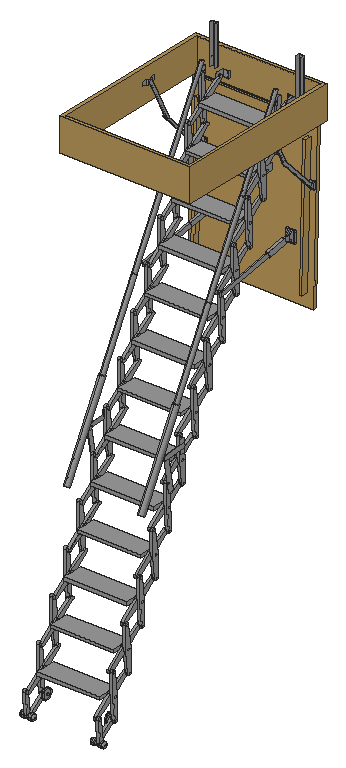
Revit family "schaartrap_XL-H 1000x1300mm", category Generic Models, Revit 2019 (continued)
Automatic sketch dimensions
  Extrusion 31 sketch curve to Extrusion 31 sketch curve = 148.738 mm  (x13)
  Extrusion 31 sketch curve to Extrusion 31 sketch curve = 138.292 mm  (x4)
  Extrusion 31 sketch curve to Extrusion 31 sketch curve = 71.579 mm
  Extrusion 31 sketch curve to Extrusion 31 sketch curve = 168.576 mm
  Extrusion 31 sketch curve to Extrusion 31 sketch curve = 96.997 mm  (x14)
  Extrusion 31 sketch curve to Extrusion 31 sketch curve = 71.597 mm  (x12)
  Extrusion 31 sketch curve to Extrusion 31 sketch curve = 168.594 mm  (x11)
  Extrusion 31 sketch curve to Extrusion 31 sketch curve = 5 mm
  Extrusion 44 sketch curve to Extrusion 44 sketch curve = 127.845 mm  (x12)
  Extrusion 44 sketch curve to Extrusion 44 sketch curve = 265.591 mm  (x12)
  Extrusion 81 sketch curve to Extrusion 81 sketch curve = 5.018 mm  (x13)
  Extrusion 81 sketch curve to Extrusion 81 sketch curve = 122.827 mm  (x12)
  Extrusion 81 sketch curve to Extrusion 81 sketch curve = 265.591 mm  (x12)
  Extrusion 81 sketch curve to Extrusion 81 sketch curve = 0 mm  (x26)
  Extrusion 22 sketch curve to Extrusion 22 sketch curve = 127.845 mm  (x12)
  Extrusion 22 sketch curve to Extrusion 22 sketch curve = 265.591 mm  (x12)
  Extrusion 80 sketch curve to Extrusion 80 sketch curve = 5.018 mm  (x13)
  Extrusion 80 sketch curve to Extrusion 80 sketch curve = 122.827 mm  (x12)
  Extrusion 80 sketch curve to Extrusion 80 sketch curve = 265.591 mm  (x12)
  Extrusion 80 sketch curve to Extrusion 80 sketch curve = 0 mm  (x26)
  Extrusion 21 sketch curve to Extrusion 21 sketch curve = 127.845 mm  (x12)
  Extrusion 21 sketch curve to Extrusion 21 sketch curve = 265.591 mm  (x12)
  Extrusion 79 sketch curve to Extrusion 79 sketch curve = 5.018 mm  (x13)
  Extrusion 79 sketch curve to Extrusion 79 sketch curve = 122.827 mm  (x12)
  Extrusion 79 sketch curve to Extrusion 79 sketch curve = 265.591 mm  (x12)
  Extrusion 79 sketch curve to Extrusion 79 sketch curve = 0 mm  (x26)
  Extrusion 96 sketch curve to Extrusion 96 sketch curve = 44.034 mm  (x2)
  Extrusion 96 sketch curve to Extrusion 96 sketch curve = 181.185 mm
  Extrusion 96 sketch curve to Extrusion 96 sketch curve = 7.764 mm  (x2)
  Extrusion 96 sketch curve to Extrusion 96 sketch curve = 1027.55 mm
  Extrusion 97 sketch curve to Extrusion 97 sketch curve = 10.419 mm
  Extrusion 97 sketch curve to Extrusion 97 sketch curve = 14.979 mm
  Extrusion 97 sketch curve to Extrusion 97 sketch curve = 7.878 mm
  Extrusion 97 sketch curve to Extrusion 97 sketch curve = 2.829 mm
  Extrusion 97 sketch curve to Extrusion 97 sketch curve = 4.468 mm
  Extrusion 97 sketch curve to Extrusion 97 sketch curve = 30.489 mm
  Extrusion 97 sketch curve to Extrusion 97 sketch curve = 2.615 mm
  Extrusion 97 sketch curve to Extrusion 97 sketch curve = 4.005 mm
  Extrusion 97 sketch curve to Extrusion 97 sketch curve = 25.984 mm
  Extrusion 98 sketch curve to Extrusion 98 sketch curve = 10.313 mm
  Extrusion 98 sketch curve to Extrusion 98 sketch curve = 9.225 mm
  Extrusion 98 sketch curve to Extrusion 98 sketch curve = 102.433 mm
  Extrusion 98 sketch curve to Extrusion 98 sketch curve = 19.018 mm
  Extrusion 98 sketch curve to Extrusion 98 sketch curve = 3.862 mm
  Extrusion 36 sketch curve to Extrusion 36 sketch curve = 0 mm  (x2)
  Extrusion 36 sketch curve to Extrusion 36 sketch curve = 0.038 mm
  Extrusion 36 sketch curve to Extrusion 36 sketch curve = 15.019 mm
  Extrusion 36 sketch curve to Extrusion 36 sketch curve = 20 mm  (x2)
  Extrusion 36 sketch curve to Extrusion 36 sketch curve = 582.544 mm
  Extrusion 36 sketch curve to Extrusion 36 sketch curve = 24.18 mm
  Extrusion 36 sketch curve to Extrusion 36 sketch curve = 20.718 mm
  Extrusion 36 sketch curve to Extrusion 36 sketch curve = 0.841 mm
  Extrusion 36 sketch curve to Extrusion 36 sketch curve = 14.93 mm
  Extrusion 36 sketch curve to Extrusion 36 sketch curve = 0.026 mm  (x2)
  Extrusion 36 sketch curve to Extrusion 36 sketch curve = 3.283 mm  (x2)
  Extrusion 36 sketch curve to Extrusion 36 sketch curve = 4.097 mm
  Extrusion 37 sketch curve to Extrusion 37 sketch curve = 0.045 mm
  Extrusion 37 sketch curve to Extrusion 37 sketch curve = 156.118 mm
  Extrusion 37 sketch curve to Extrusion 37 sketch curve = 0.199 mm
  Extrusion 98 sketch curve to Extrusion 98 sketch curve = 365.434 mm
  Extrusion 39 sketch curve to Extrusion 39 sketch curve = 0 mm  (x6)
  Extrusion 39 sketch curve to Extrusion 39 sketch curve = 1.498 mm
  Extrusion 39 sketch curve to Extrusion 39 sketch curve = 1.497 mm
  Extrusion 39 sketch curve to Extrusion 39 sketch curve = 10.588 mm
  Extrusion 39 sketch curve to Extrusion 39 sketch curve = 17.907 mm
  Extrusion 39 sketch curve to Extrusion 39 sketch curve = 29.9 mm
  Extrusion 39 sketch curve to Extrusion 39 sketch curve = 38.224 mm
  Extrusion 39 sketch curve to Extrusion 39 sketch curve = 6.363 mm
  Extrusion 39 sketch curve to Extrusion 39 sketch curve = 1.74 mm
  Extrusion 39 sketch curve to Extrusion 39 sketch curve = 29.794 mm
  Extrusion 39 sketch curve to Extrusion 39 sketch curve = 4 mm
  Extrusion 13 sketch curve to Extrusion 13 sketch curve = 0 mm  (x2)
  Extrusion 13 sketch curve to Extrusion 13 sketch curve = 10.22 mm
  Extrusion 13 sketch curve to Extrusion 13 sketch curve = 8.993 mm
  Extrusion 13 sketch curve to Extrusion 13 sketch curve = 18.804 mm  (x2)
  Extrusion 13 sketch curve to Extrusion 13 sketch curve = 546.821 mm
  Extrusion 13 sketch curve to Extrusion 13 sketch curve = 18.481 mm
  Extrusion 13 sketch curve to Extrusion 13 sketch curve = 25.483 mm
  Extrusion 13 sketch curve to Extrusion 13 sketch curve = 224.262 mm
  Extrusion 13 sketch curve to Extrusion 13 sketch curve = 32.84 mm
  Extrusion 13 sketch curve to Extrusion 13 sketch curve = 6.814 mm  (x2)
  Extrusion 13 sketch curve to Extrusion 13 sketch curve = 4.486 mm  (x2)
  Extrusion 13 sketch curve to Extrusion 13 sketch curve = 2.728 mm
  Extrusion 14 sketch curve to Extrusion 14 sketch curve = 11.924 mm
  Extrusion 14 sketch curve to Extrusion 14 sketch curve = 146.779 mm
  Extrusion 14 sketch curve to Extrusion 14 sketch curve = 53.186 mm
  Extrusion 16 sketch curve to Extrusion 16 sketch curve = 0 mm  (x6)
  Extrusion 16 sketch curve to Extrusion 16 sketch curve = 2.763 mm
  Extrusion 16 sketch curve to Extrusion 16 sketch curve = 0.96 mm
  Extrusion 16 sketch curve to Extrusion 16 sketch curve = 13.106 mm
  Extrusion 16 sketch curve to Extrusion 16 sketch curve = 27.749 mm
  Extrusion 16 sketch curve to Extrusion 16 sketch curve = 20.529 mm
  Extrusion 16 sketch curve to Extrusion 16 sketch curve = 31.807 mm
  Extrusion 16 sketch curve to Extrusion 16 sketch curve = 9.861 mm
  Extrusion 16 sketch curve to Extrusion 16 sketch curve = 2.085 mm
  Extrusion 16 sketch curve to Extrusion 16 sketch curve = 36.882 mm
  Extrusion 16 sketch curve to Extrusion 16 sketch curve = 3.845 mm
  Extrusion 17 sketch curve to Extrusion 17 sketch curve = 0 mm  (x2)
  Extrusion 17 sketch curve to Extrusion 17 sketch curve = 10.22 mm
  Extrusion 17 sketch curve to Extrusion 17 sketch curve = 8.993 mm
  Extrusion 17 sketch curve to Extrusion 17 sketch curve = 18.804 mm  (x2)
  Extrusion 17 sketch curve to Extrusion 17 sketch curve = 546.821 mm
  Extrusion 17 sketch curve to Extrusion 17 sketch curve = 18.481 mm
  Extrusion 17 sketch curve to Extrusion 17 sketch curve = 25.483 mm
  Extrusion 17 sketch curve to Extrusion 17 sketch curve = 224.262 mm
  Extrusion 17 sketch curve to Extrusion 17 sketch curve = 32.84 mm
  Extrusion 17 sketch curve to Extrusion 17 sketch curve = 6.814 mm  (x2)
  Extrusion 17 sketch curve to Extrusion 17 sketch curve = 4.486 mm  (x2)
  Extrusion 17 sketch curve to Extrusion 17 sketch curve = 2.728 mm
  Extrusion 18 sketch curve to Extrusion 18 sketch curve = 11.924 mm
  Extrusion 18 sketch curve to Extrusion 18 sketch curve = 146.779 mm
  Extrusion 18 sketch curve to Extrusion 18 sketch curve = 53.186 mm
  Extrusion 20 sketch curve to Extrusion 20 sketch curve = 0 mm  (x6)
  Extrusion 20 sketch curve to Extrusion 20 sketch curve = 2.763 mm
  Extrusion 20 sketch curve to Extrusion 20 sketch curve = 0.96 mm
  Extrusion 20 sketch curve to Extrusion 20 sketch curve = 13.106 mm
  Extrusion 20 sketch curve to Extrusion 20 sketch curve = 27.749 mm
  Extrusion 20 sketch curve to Extrusion 20 sketch curve = 20.529 mm
  Extrusion 20 sketch curve to Extrusion 20 sketch curve = 31.807 mm
  Extrusion 20 sketch curve to Extrusion 20 sketch curve = 9.861 mm
  Extrusion 20 sketch curve to Extrusion 20 sketch curve = 2.085 mm
  Extrusion 20 sketch curve to Extrusion 20 sketch curve = 36.882 mm
  Extrusion 20 sketch curve to Extrusion 20 sketch curve = 3.845 mm
  Extrusion 102 sketch curve to Extrusion 102 sketch curve = 44.713 mm  (x4)
  Extrusion 102 sketch curve to Extrusion 102 sketch curve = 1043.401 mm  (x2)
  Extrusion 103 sketch curve to Extrusion 103 sketch curve = 9.439 mm
  Extrusion 103 sketch curve to Extrusion 103 sketch curve = 6 mm  (x2)
  Extrusion 103 sketch curve to Extrusion 103 sketch curve = 8 mm  (x2)
  Extrusion 103 sketch curve to Extrusion 103 sketch curve = 36.335 mm  (x3)
  Extrusion 103 sketch curve to Extrusion 103 sketch curve = 40.942 mm
  Extrusion 104 sketch curve to Extrusion 104 sketch curve = 19.872 mm
  Extrusion 104 sketch curve to Extrusion 104 sketch curve = 386.758 mm
  Extrusion 104 sketch curve to Extrusion 104 sketch curve = 10.346 mm  (x3)
  Extrusion 104 sketch curve to Extrusion 104 sketch curve = 385.088 mm
  Extrusion 38 sketch curve to Extrusion 38 sketch curve = 0 mm  (x4)
  Extrusion 38 sketch curve to Extrusion 38 sketch curve = 1.498 mm
  Extrusion 38 sketch curve to Extrusion 38 sketch curve = 1.497 mm
  Extrusion 38 sketch curve to Extrusion 38 sketch curve = 10.588 mm
  Extrusion 38 sketch curve to Extrusion 38 sketch curve = 17.907 mm
  Extrusion 38 sketch curve to Extrusion 38 sketch curve = 29.9 mm
  Extrusion 38 sketch curve to Extrusion 38 sketch curve = 38.224 mm
  Extrusion 38 sketch curve to Extrusion 38 sketch curve = 6.363 mm
  Extrusion 38 sketch curve to Extrusion 38 sketch curve = 1.74 mm
  Extrusion 38 sketch curve to Extrusion 38 sketch curve = 29.794 mm
  Extrusion 15 sketch curve to Extrusion 15 sketch curve = 0 mm  (x4)
  Extrusion 15 sketch curve to Extrusion 15 sketch curve = 2.763 mm
  Extrusion 15 sketch curve to Extrusion 15 sketch curve = 0.96 mm
  Extrusion 15 sketch curve to Extrusion 15 sketch curve = 13.106 mm
  Extrusion 15 sketch curve to Extrusion 15 sketch curve = 27.749 mm
  Extrusion 15 sketch curve to Extrusion 15 sketch curve = 20.529 mm
  Extrusion 15 sketch curve to Extrusion 15 sketch curve = 31.807 mm
  Extrusion 15 sketch curve to Extrusion 15 sketch curve = 9.861 mm
  Extrusion 15 sketch curve to Extrusion 15 sketch curve = 2.085 mm
  Extrusion 15 sketch curve to Extrusion 15 sketch curve = 36.882 mm
  Extrusion 19 sketch curve to Extrusion 19 sketch curve = 0 mm  (x4)
  Extrusion 19 sketch curve to Extrusion 19 sketch curve = 2.763 mm
  Extrusion 19 sketch curve to Extrusion 19 sketch curve = 0.96 mm
  Extrusion 19 sketch curve to Extrusion 19 sketch curve = 13.106 mm
  Extrusion 19 sketch curve to Extrusion 19 sketch curve = 27.749 mm
  Extrusion 19 sketch curve to Extrusion 19 sketch curve = 20.529 mm
  Extrusion 19 sketch curve to Extrusion 19 sketch curve = 31.807 mm
  Extrusion 19 sketch curve to Extrusion 19 sketch curve = 9.861 mm
  Extrusion 19 sketch curve to Extrusion 19 sketch curve = 2.085 mm
  Extrusion 19 sketch curve to Extrusion 19 sketch curve = 36.882 mm
  Extrusion 23 sketch curve to Extrusion 23 sketch curve = 5.05 mm
  Extrusion 24 sketch curve to Extrusion 24 sketch curve = 28.028 mm
  Extrusion 40 sketch curve to plane 1 "Center (Front/Back)" = 20 mm
  level to Extrusion 40 sketch curve = 20 mm
  Sweep 41 sketch curve to Sweep 41 sketch curve = 0 mm  (x2)
  Sweep 41 sketch curve to plane 1 "Center (Front/Back)" = 0 mm
  Sweep 41 sketch curve to Sweep 41 sketch curve = 20 mm
  level to Sweep 41 sketch curve = 20 mm
  profile plane to Sweep 41 sketch curve = 0 mm
  Sweep 41 sketch curve to profile plane = 0 mm
  profile plane to Sweep 41 sketch curve = 7.976 mm
  Sweep 41 sketch curve to Sweep 41 sketch curve = 2.281 mm
  Extrusion 42 sketch curve to plane 1 "Center (Front/Back)" = 20 mm
  level to Extrusion 42 sketch curve = 20 mm
  Sweep 43 sketch curve to Sweep 43 sketch curve = 0 mm  (x2)
  Sweep 43 sketch curve to plane 1 "Center (Front/Back)" = 0 mm
  Sweep 43 sketch curve to Sweep 43 sketch curve = 20 mm
  level to Sweep 43 sketch curve = 20 mm
  Sweep 43 sketch curve to profile plane = 0 mm  (x2)
  Sweep 43 sketch curve to profile plane = 7.976 mm
  Sweep 43 sketch curve to Sweep 43 sketch curve = 2.281 mm
  Extrusion 49 sketch curve to plane 22 "traplijn" = 67.952 mm
  Extrusion 49 sketch curve to Extrusion 49 sketch curve = 11.968 mm
  Extrusion 49 sketch curve to Extrusion 49 sketch curve = 5.097 mm
  Extrusion 49 sketch curve to Extrusion 49 sketch curve = 219.286 mm
  Extrusion 49 sketch curve to Extrusion 49 sketch curve = 7.598 mm  (x2)
  Extrusion 49 sketch curve to Extrusion 49 sketch curve = 10.82 mm
  Extrusion 49 sketch curve to Extrusion 49 sketch curve = 257.221 mm
  Extrusion 49 sketch curve to Extrusion 49 sketch curve = 6.502 mm
  Extrusion 50 sketch curve to plane 8 = 0 mm
  Extrusion 50 sketch curve to Extrusion 50 sketch curve = 4 mm  (x2)
  plane 5 to Extrusion 50 sketch curve = 25 mm
  plane 5 to Extrusion 51 sketch curve = 15.736 mm  (x2)
  Extrusion 51 sketch curve to Extrusion 51 sketch curve = 5 mm  (x2)
  Extrusion 52 sketch curve to Extrusion 52 sketch curve = 5.05 mm
  Extrusion 53 sketch curve to plane 6 = 0 mm
  Extrusion 53 sketch curve to Extrusion 53 sketch curve = 4 mm  (x2)
  Extrusion 53 sketch curve to plane 4 = 25 mm
  Extrusion 53 sketch curve to Extrusion 53 sketch curve = 69.409 mm
  Extrusion 54 sketch curve to plane 4 = 15.736 mm  (x2)
  Extrusion 54 sketch curve to Extrusion 54 sketch curve = 5 mm  (x2)
  Extrusion 55 sketch curve to Extrusion 55 sketch curve = 5.05 mm
  Extrusion 75 sketch curve to plane 1 "Center (Front/Back)" = 20 mm
  level to Extrusion 75 sketch curve = 20 mm
  Sweep 76 sketch curve to Sweep 76 sketch curve = 0 mm  (x2)
  Sweep 76 sketch curve to plane 1 "Center (Front/Back)" = 0 mm
  Sweep 76 sketch curve to Sweep 76 sketch curve = 20 mm
  level to Sweep 76 sketch curve = 20 mm
  Sweep 76 sketch curve to profile plane = 0 mm  (x2)
  Sweep 76 sketch curve to profile plane = 7.976 mm
  Sweep 76 sketch curve to Sweep 76 sketch curve = 2.281 mm
  Extrusion 77 sketch curve to plane 1 "Center (Front/Back)" = 20 mm
  level to Extrusion 77 sketch curve = 20 mm
  Sweep 78 sketch curve to Sweep 78 sketch curve = 0 mm  (x2)
  Sweep 78 sketch curve to plane 1 "Center (Front/Back)" = 0 mm
  Sweep 78 sketch curve to Sweep 78 sketch curve = 20 mm
  level to Sweep 78 sketch curve = 20 mm
  profile plane to Sweep 78 sketch curve = 0 mm
  Sweep 78 sketch curve to profile plane = 0 mm
  profile plane to Sweep 78 sketch curve = 7.976 mm
  Sweep 78 sketch curve to Sweep 78 sketch curve = 2.281 mm
  curve 13 to plane 3 "Center (Left/Right)" = 0 mm
  curve 17 to plane 3 "Center (Left/Right)" = 0 mm
  plane 3 "Center (Left/Right)" to curve 14 = 34.056 mm
  curve 13 to curve 14 = 0 mm
  curve 13 to curve 17 = 117.973 mm
  curve 17 to plane 3 "Center (Left/Right)" = 34.056 mm
  curve 13 to curve 13 = 4145.24 mm
  Sweep 82 sketch curve to plane 17 = 0 mm
  Sweep 82 sketch curve to plane 25 = 0 mm
  Sweep 82 sketch curve to plane 16 = 0 mm
  plane 24 "bk. omtimmering" to Sweep 82 sketch curve = 0 mm
  Sweep 82 sketch curve to profile plane = 0 mm
  Sweep 82 sketch curve to Sweep 82 sketch curve = 24 mm
  Sweep 82 sketch curve to plane 24 "bk. omtimmering" = 250.003 mm
  Extrusion 83 sketch curve to plane 24 "bk. omtimmering" = 180.416 mm
  Extrusion 83 sketch curve to Extrusion 83 sketch curve = 5.05 mm
  Extrusion 84 sketch curve to Extrusion 84 sketch curve = 28.028 mm
  Extrusion 84 sketch curve to plane 24 "bk. omtimmering" = 203.715 mm
  Extrusion 84 sketch curve to Extrusion 84 sketch curve = 25 mm
  Extrusion 85 sketch curve to Extrusion 85 sketch curve = 5 mm
  Extrusion 85 sketch curve to Extrusion 85 sketch curve = 13.998 mm
  Extrusion 85 sketch curve to Extrusion 85 sketch curve = 6.458 mm  (x2)
  Extrusion 85 sketch curve to Extrusion 85 sketch curve = 0 mm  (x12)
  Extrusion 85 sketch curve to plane 24 "bk. omtimmering" = 37.552 mm
  Extrusion 85 sketch curve to plane 24 "bk. omtimmering" = 17.552 mm
  Extrusion 85 sketch curve to Extrusion 85 sketch curve = 20 mm  (x12)
  Extrusion 85 sketch curve to Extrusion 85 sketch curve = 6.002 mm  (x2)
  Extrusion 86 sketch curve to Extrusion 86 sketch curve = 0 mm  (x6)
  Extrusion 86 sketch curve to plane 13 = 11.5 mm
  Extrusion 86 sketch curve to Extrusion 86 sketch curve = 2 mm
  Extrusion 86 sketch curve to Extrusion 86 sketch curve = 1.001 mm
  Extrusion 86 sketch curve to plane 11 = 0.5 mm
  Extrusion 86 sketch curve to plane 11 = 1.5 mm
  Extrusion 86 sketch curve to Extrusion 86 sketch curve = 27 mm
  Extrusion 86 sketch curve to Extrusion 86 sketch curve = 26.999 mm
  Extrusion 87 sketch curve to Extrusion 87 sketch curve = 5 mm
  Extrusion 87 sketch curve to Extrusion 87 sketch curve = 13.998 mm
  Extrusion 87 sketch curve to Extrusion 87 sketch curve = 6.458 mm  (x2)
  Extrusion 87 sketch curve to Extrusion 87 sketch curve = 0 mm  (x12)
  Extrusion 87 sketch curve to plane 24 "bk. omtimmering" = 37.552 mm
  Extrusion 87 sketch curve to Extrusion 87 sketch curve = 20 mm  (x12)
  Extrusion 87 sketch curve to Extrusion 87 sketch curve = 6.002 mm  (x2)
  Extrusion 87 sketch curve to plane 24 "bk. omtimmering" = 17.552 mm
  Extrusion 88 sketch curve to Extrusion 88 sketch curve = 0 mm  (x7)
  Extrusion 88 sketch curve to plane 12 = 11.5 mm
  Extrusion 88 sketch curve to Extrusion 88 sketch curve = 2 mm
  Extrusion 88 sketch curve to Extrusion 88 sketch curve = 1.001 mm
  plane 10 to Extrusion 88 sketch curve = 0.5 mm  (x2)
  plane 10 to Extrusion 88 sketch curve = 1.5 mm
  Extrusion 88 sketch curve to Extrusion 88 sketch curve = 26.999 mm
  Extrusion 89 sketch curve to plane 8 = 0 mm
  Extrusion 89 sketch curve to Extrusion 89 sketch curve = 4 mm  (x2)
  plane 5 to Extrusion 89 sketch curve = 25 mm
  Extrusion 89 sketch curve to Extrusion 89 sketch curve = 69.409 mm
  Extrusion 90 sketch curve to Extrusion 90 sketch curve = 0 mm  (x4)
  plane 5 to Extrusion 90 sketch curve = 15.736 mm  (x2)
  Extrusion 90 sketch curve to plane 24 "bk. omtimmering" = 193.466 mm
  Extrusion 90 sketch curve to plane 24 "bk. omtimmering" = 164.716 mm
  Extrusion 90 sketch curve to Extrusion 90 sketch curve = 5 mm  (x2)
  Extrusion 91 sketch curve to plane 24 "bk. omtimmering" = 180.416 mm
  Extrusion 91 sketch curve to Extrusion 91 sketch curve = 5.05 mm
  Extrusion 92 sketch curve to plane 6 = 0 mm
  Extrusion 92 sketch curve to Extrusion 92 sketch curve = 4 mm  (x2)
  Extrusion 92 sketch curve to plane 4 = 25 mm
  Extrusion 92 sketch curve to Extrusion 92 sketch curve = 69.409 mm
  Extrusion 93 sketch curve to Extrusion 93 sketch curve = 0 mm  (x4)
  Extrusion 93 sketch curve to plane 4 = 15.736 mm  (x2)
  Extrusion 93 sketch curve to plane 24 "bk. omtimmering" = 164.716 mm
  Extrusion 93 sketch curve to Extrusion 93 sketch curve = 28.75 mm
  Extrusion 93 sketch curve to Extrusion 93 sketch curve = 5 mm  (x2)
  Extrusion 94 sketch curve to plane 24 "bk. omtimmering" = 180.416 mm
  Extrusion 94 sketch curve to Extrusion 94 sketch curve = 5.05 mm
  Extrusion 95 sketch curve to plane 22 "traplijn" = 730.125 mm
  Extrusion 95 sketch curve to Extrusion 95 sketch curve = 19.696 mm
  Extrusion 95 sketch curve to Extrusion 95 sketch curve = 216.366 mm
  Extrusion 95 sketch curve to Extrusion 95 sketch curve = 3.473 mm
  plane 8 to Extrusion 105 sketch curve = 2 mm  (x2)
  Extrusion 105 sketch curve to plane 8 = 8 mm
  plane 13 to Extrusion 105 sketch curve = 2 mm  (x2)
  Extrusion 105 sketch curve to Extrusion 105 sketch curve = 10 mm
  Extrusion 105 sketch curve to Extrusion 105 sketch curve = 73.838 mm
  plane 6 to Extrusion 106 sketch curve = 2 mm  (x2)
  Extrusion 106 sketch curve to plane 6 = 8 mm
  plane 12 to Extrusion 106 sketch curve = 2 mm  (x2)
  Extrusion 106 sketch curve to Extrusion 106 sketch curve = 10 mm
  Extrusion 106 sketch curve to Extrusion 106 sketch curve = 73.838 mm
  Extrusion 107 sketch curve to plane 19 = 54 mm
  Extrusion 107 sketch curve to Extrusion 107 sketch curve = 59.997 mm
  Extrusion 107 sketch curve to plane 19 = 20.5 mm
  Extrusion 108 sketch curve to plane 18 = 54 mm
  Extrusion 108 sketch curve to Extrusion 108 sketch curve = 59.997 mm
  Extrusion 108 sketch curve to plane 18 = 16.5 mm
  Extrusion 109 sketch curve to plane 24 "bk. omtimmering" = 100.98 mm
  Extrusion 109 sketch curve to Extrusion 109 sketch curve = 82 mm
  Extrusion 109 sketch curve to Extrusion 109 sketch curve = 0 mm
  Extrusion 110 sketch curve to plane 19 = 5.5 mm  (x2)
  Extrusion 110 sketch curve to Extrusion 110 sketch curve = 3 mm  (x3)
  Extrusion 110 sketch curve to Extrusion 110 sketch curve = 13 mm
  Extrusion 110 sketch curve to Extrusion 110 sketch curve = 22.101 mm  (x2)
  Extrusion 110 sketch curve to Extrusion 110 sketch curve = 1.562 mm  (x4)
  Extrusion 110 sketch curve to Extrusion 110 sketch curve = 11.203 mm  (x2)
  Extrusion 110 sketch curve to Extrusion 110 sketch curve = 28.769 mm
  Extrusion 111 sketch curve to plane 18 = 5.5 mm  (x2)
  Extrusion 111 sketch curve to Extrusion 111 sketch curve = 3 mm  (x3)
  Extrusion 111 sketch curve to Extrusion 111 sketch curve = 13 mm
  Extrusion 111 sketch curve to Extrusion 111 sketch curve = 22.101 mm  (x2)
  Extrusion 111 sketch curve to Extrusion 111 sketch curve = 1.562 mm  (x4)
  Extrusion 111 sketch curve to Extrusion 111 sketch curve = 11.203 mm  (x2)
  Extrusion 111 sketch curve to Extrusion 111 sketch curve = 28.769 mm
  Extrusion 112 sketch curve to plane 22 "traplijn" = 67.952 mm
  Extrusion 112 sketch curve to Extrusion 112 sketch curve = 11.968 mm
  Extrusion 112 sketch curve to Extrusion 112 sketch curve = 5.097 mm
  Extrusion 112 sketch curve to Extrusion 112 sketch curve = 219.286 mm
  Extrusion 112 sketch curve to Extrusion 112 sketch curve = 7.598 mm  (x2)
  Extrusion 112 sketch curve to Extrusion 112 sketch curve = 0.009 mm
  Extrusion 112 sketch curve to Extrusion 112 sketch curve = 257.221 mm
  Extrusion 112 sketch curve to Extrusion 112 sketch curve = 6.502 mm
  Extrusion 113 sketch curve to plane 24 "bk. omtimmering" = 100.98 mm
  Extrusion 3 sketch curve to plane 23 = 34.921 mm
  Extrusion 3 sketch curve to plane 23 = 11.099 mm
  Extrusion 3 sketch curve to Extrusion 3 sketch curve = 155.981 mm  (x7)
  Extrusion 3 sketch curve to Extrusion 3 sketch curve = 127.845 mm  (x4)
  plane 25 to Extrusion 3 sketch curve = 259.264 mm
  plane 25 to Extrusion 3 sketch curve = 131.42 mm
  plane 25 to Extrusion 3 sketch curve = 103.284 mm
  plane 25 to Extrusion 3 sketch curve = 3.575 mm
  Extrusion 3 sketch curve to plane 25 = 24.561 mm
  Extrusion 3 sketch curve to plane 1 "Center (Front/Back)" = 69.831 mm
  Extrusion 3 sketch curve to Extrusion 3 sketch curve = 23.822 mm  (x11)
  Extrusion 3 sketch curve to Extrusion 3 sketch curve = 241.725 mm  (x12)
  Extrusion 3 sketch curve to Extrusion 3 sketch curve = 23.891 mm
  Extrusion 48 sketch curve to Extrusion 48 sketch curve = 0 mm  (x2)
  Extrusion 32 sketch curve to Extrusion 32 sketch curve = 0 mm  (x2)
  Extrusion 31 sketch curve to Extrusion 31 sketch curve = 0 mm  (x2)
  plane 21 to Sweep 64 sketch curve = 0 mm
  Sweep 64 sketch curve to plane 21 = 0.034 mm
  Sweep 64 sketch curve to Sweep 64 sketch curve = 332.795 mm
  profile plane to Sweep 64 sketch curve = 0 mm
  Sweep 64 sketch curve to profile plane = 0 mm
  profile plane to Sweep 65 sketch curve = 0 mm
  Sweep 65 sketch curve to profile plane = 0 mm
  profile plane to Sweep 66 sketch curve = 0 mm
  Sweep 66 sketch curve to profile plane = 0 mm
  Sweep 67 sketch curve to plane 21 = 0.129 mm
  Sweep 67 sketch curve to Sweep 67 sketch curve = 319.753 mm
  Sweep 67 sketch curve to Sweep 67 sketch curve = 584.041 mm
  profile plane to Sweep 67 sketch curve = 0 mm
  Sweep 67 sketch curve to profile plane = 0 mm
  Extrusion 71 sketch curve to Extrusion 71 sketch curve = 0 mm  (x2)
  plane 21 to Extrusion 71 sketch curve = 52.582 mm
  Extrusion 71 sketch curve to Extrusion 71 sketch curve = 12.575 mm
  Extrusion 71 sketch curve to Extrusion 71 sketch curve = 1.289 mm
  Extrusion 71 sketch curve to Extrusion 71 sketch curve = 12.093 mm
  Extrusion 71 sketch curve to Extrusion 71 sketch curve = 14.288 mm
  Extrusion 71 sketch curve to Extrusion 71 sketch curve = 28.694 mm
  Extrusion 71 sketch curve to Extrusion 71 sketch curve = 4.066 mm
  Extrusion 71 sketch curve to Extrusion 71 sketch curve = 7.339 mm
  Extrusion 71 sketch curve to Extrusion 71 sketch curve = 5.041 mm  (x2)
  Extrusion 71 sketch curve to Extrusion 71 sketch curve = 0.303 mm
  Sweep 65 sketch curve to Sweep 65 sketch curve = 304.753 mm
  Sweep 65 sketch curve to plane 21 = 0.064 mm
  Sweep 65 sketch curve to Sweep 65 sketch curve = 556.643 mm
  Sweep 66 sketch curve to Sweep 66 sketch curve = 319.008 mm
  Sweep 66 sketch curve to plane 21 = 0.096 mm
  Sweep 66 sketch curve to Sweep 66 sketch curve = 582.681 mm
  plane 21 to Extrusion 69 sketch curve = 181.066 mm
  Extrusion 69 sketch curve to Extrusion 69 sketch curve = 4.946 mm
  Extrusion 69 sketch curve to Extrusion 69 sketch curve = 23.151 mm
  Extrusion 69 sketch curve to Extrusion 69 sketch curve = 122.139 mm
  Extrusion 69 sketch curve to Extrusion 69 sketch curve = 23.353 mm
  Extrusion 69 sketch curve to Extrusion 69 sketch curve = 27.985 mm
  Extrusion 69 sketch curve to Extrusion 69 sketch curve = 2.51 mm
  Extrusion 69 sketch curve to Extrusion 69 sketch curve = 10.512 mm
  Extrusion 69 sketch curve to Extrusion 69 sketch curve = 10.808 mm
  plane 21 to Extrusion 70 sketch curve = 166.966 mm
  Extrusion 70 sketch curve to Extrusion 70 sketch curve = 14.972 mm
  Extrusion 70 sketch curve to Extrusion 70 sketch curve = 18.832 mm
  Extrusion 70 sketch curve to Extrusion 70 sketch curve = 10.808 mm
  Extrusion 70 sketch curve to Extrusion 70 sketch curve = 29.64 mm  (x2)
  Extrusion 70 sketch curve to Extrusion 70 sketch curve = 23.353 mm  (x2)
  Extrusion 70 sketch curve to Extrusion 70 sketch curve = 44.46 mm
  plane 21 to Extrusion 68 sketch curve = 57.981 mm
  Extrusion 68 sketch curve to Extrusion 68 sketch curve = 8.487 mm
  Extrusion 68 sketch curve to Extrusion 68 sketch curve = 15.562 mm
  Extrusion 68 sketch curve to Extrusion 68 sketch curve = 14.295 mm
  Extrusion 68 sketch curve to Extrusion 68 sketch curve = 14.426 mm
  Extrusion 68 sketch curve to Extrusion 68 sketch curve = 15.687 mm
  Extrusion 68 sketch curve to Extrusion 68 sketch curve = 19.566 mm
  Extrusion 68 sketch curve to Extrusion 68 sketch curve = 218.116 mm
  Extrusion 68 sketch curve to Extrusion 68 sketch curve = 19.466 mm
  plane 15 to Sweep 6 sketch curve = 0 mm
  Sweep 6 sketch curve to plane 15 = 0.034 mm
  Sweep 6 sketch curve to Sweep 6 sketch curve = 332.943 mm
  profile plane to Sweep 6 sketch curve = 0 mm
  Sweep 6 sketch curve to profile plane = 0 mm
  profile plane to Sweep 7 sketch curve = 0 mm
  Sweep 7 sketch curve to profile plane = 0 mm
  profile plane to Sweep 8 sketch curve = 0 mm
  Sweep 8 sketch curve to profile plane = 0 mm
  Sweep 9 sketch curve to plane 15 = 0.129 mm
  Sweep 9 sketch curve to Sweep 9 sketch curve = 319.895 mm
  Sweep 9 sketch curve to Sweep 9 sketch curve = 583.963 mm
  profile plane to Sweep 9 sketch curve = 0 mm
  Sweep 9 sketch curve to profile plane = 0 mm
  Extrusion 33 sketch curve to Extrusion 33 sketch curve = 0 mm  (x2)
  plane 15 to Extrusion 33 sketch curve = 52.582 mm
  Extrusion 33 sketch curve to Extrusion 33 sketch curve = 11.119 mm
  Extrusion 33 sketch curve to Extrusion 33 sketch curve = 0.539 mm
  Extrusion 33 sketch curve to Extrusion 33 sketch curve = 12.884 mm
  Extrusion 33 sketch curve to Extrusion 33 sketch curve = 17.223 mm
  Extrusion 33 sketch curve to Extrusion 33 sketch curve = 28.378 mm
  Extrusion 33 sketch curve to Extrusion 33 sketch curve = 6.989 mm
  Extrusion 33 sketch curve to Extrusion 33 sketch curve = 5.84 mm
  Extrusion 33 sketch curve to Extrusion 33 sketch curve = 5.041 mm  (x2)
  Extrusion 33 sketch curve to Extrusion 33 sketch curve = 0.303 mm
  Sweep 7 sketch curve to Sweep 7 sketch curve = 304.889 mm
  Sweep 7 sketch curve to plane 15 = 0.064 mm
  Sweep 7 sketch curve to Sweep 7 sketch curve = 556.569 mm
  Sweep 8 sketch curve to Sweep 8 sketch curve = 319.15 mm
  Sweep 8 sketch curve to plane 15 = 0.096 mm
  Sweep 8 sketch curve to Sweep 8 sketch curve = 582.603 mm
  plane 15 to Extrusion 11 sketch curve = 181.066 mm
  Extrusion 11 sketch curve to Extrusion 11 sketch curve = 7.95 mm
  Extrusion 11 sketch curve to Extrusion 11 sketch curve = 29.027 mm
  Extrusion 11 sketch curve to Extrusion 11 sketch curve = 118.731 mm
  Extrusion 11 sketch curve to Extrusion 11 sketch curve = 29.106 mm
  Extrusion 11 sketch curve to Extrusion 11 sketch curve = 20.849 mm
  Extrusion 11 sketch curve to Extrusion 11 sketch curve = 77.194 mm
  Extrusion 11 sketch curve to Extrusion 11 sketch curve = 21.349 mm
  Extrusion 11 sketch curve to Extrusion 11 sketch curve = 21.571 mm
  plane 15 to Extrusion 12 sketch curve = 166.966 mm
  Extrusion 12 sketch curve to Extrusion 12 sketch curve = 26.684 mm
  Extrusion 12 sketch curve to Extrusion 12 sketch curve = 7.271 mm
  Extrusion 12 sketch curve to Extrusion 12 sketch curve = 21.571 mm
  Extrusion 12 sketch curve to Extrusion 12 sketch curve = 28.842 mm  (x2)
  Extrusion 12 sketch curve to Extrusion 12 sketch curve = 29.106 mm  (x2)
  Extrusion 12 sketch curve to Extrusion 12 sketch curve = 43.262 mm
  plane 15 to Extrusion 10 sketch curve = 57.981 mm
  Extrusion 10 sketch curve to Extrusion 10 sketch curve = 100.83 mm
  Extrusion 10 sketch curve to Extrusion 10 sketch curve = 5.896 mm
  Extrusion 10 sketch curve to Extrusion 10 sketch curve = 21.592 mm
  Extrusion 10 sketch curve to Extrusion 10 sketch curve = 21.672 mm
  Extrusion 10 sketch curve to Extrusion 10 sketch curve = 6.051 mm
  Extrusion 10 sketch curve to Extrusion 10 sketch curve = 24.295 mm
  Extrusion 10 sketch curve to Extrusion 10 sketch curve = 200.945 mm
  Extrusion 10 sketch curve to Extrusion 10 sketch curve = 24.257 mm
  plane 20 to Sweep 56 sketch curve = 0 mm
  Sweep 56 sketch curve to plane 20 = 0.034 mm
  Sweep 56 sketch curve to Sweep 56 sketch curve = 332.943 mm
  profile plane to Sweep 56 sketch curve = 0 mm
  Sweep 56 sketch curve to profile plane = 0 mm
  profile plane to Sweep 57 sketch curve = 0 mm
  Sweep 57 sketch curve to profile plane = 0 mm
  profile plane to Sweep 58 sketch curve = 0 mm
  Sweep 58 sketch curve to profile plane = 0 mm
  Sweep 59 sketch curve to plane 20 = 0.129 mm
  Sweep 59 sketch curve to Sweep 59 sketch curve = 319.895 mm
  Sweep 59 sketch curve to Sweep 59 sketch curve = 583.963 mm
  profile plane to Sweep 59 sketch curve = 0 mm
  Sweep 59 sketch curve to profile plane = 0 mm
  Extrusion 63 sketch curve to Extrusion 63 sketch curve = 0 mm  (x2)
  plane 20 to Extrusion 63 sketch curve = 52.582 mm
  Extrusion 63 sketch curve to Extrusion 63 sketch curve = 11.119 mm
  Extrusion 63 sketch curve to Extrusion 63 sketch curve = 0.539 mm
  Extrusion 63 sketch curve to Extrusion 63 sketch curve = 12.884 mm
  Extrusion 63 sketch curve to Extrusion 63 sketch curve = 17.223 mm
  Extrusion 63 sketch curve to Extrusion 63 sketch curve = 28.378 mm
  Extrusion 63 sketch curve to Extrusion 63 sketch curve = 6.989 mm
  Extrusion 63 sketch curve to Extrusion 63 sketch curve = 5.84 mm
  Extrusion 63 sketch curve to Extrusion 63 sketch curve = 5.041 mm  (x2)
  Extrusion 63 sketch curve to Extrusion 63 sketch curve = 0.303 mm
  Sweep 57 sketch curve to Sweep 57 sketch curve = 304.889 mm
  Sweep 57 sketch curve to plane 20 = 0.064 mm
  Sweep 57 sketch curve to Sweep 57 sketch curve = 556.569 mm
  Sweep 58 sketch curve to Sweep 58 sketch curve = 319.15 mm
  Sweep 58 sketch curve to plane 20 = 0.096 mm
  Sweep 58 sketch curve to Sweep 58 sketch curve = 582.603 mm
  plane 20 to Extrusion 61 sketch curve = 181.066 mm
  Extrusion 61 sketch curve to Extrusion 61 sketch curve = 7.95 mm
  Extrusion 61 sketch curve to Extrusion 61 sketch curve = 29.027 mm
  Extrusion 61 sketch curve to Extrusion 61 sketch curve = 118.731 mm
  Extrusion 61 sketch curve to Extrusion 61 sketch curve = 29.106 mm
  Extrusion 61 sketch curve to Extrusion 61 sketch curve = 20.849 mm
  Extrusion 61 sketch curve to Extrusion 61 sketch curve = 77.194 mm
  Extrusion 61 sketch curve to Extrusion 61 sketch curve = 21.349 mm
  Extrusion 61 sketch curve to Extrusion 61 sketch curve = 21.571 mm
  plane 20 to Extrusion 62 sketch curve = 166.966 mm
  Extrusion 62 sketch curve to Extrusion 62 sketch curve = 26.684 mm
  Extrusion 62 sketch curve to Extrusion 62 sketch curve = 7.271 mm
  Extrusion 62 sketch curve to Extrusion 62 sketch curve = 21.571 mm
  Extrusion 62 sketch curve to Extrusion 62 sketch curve = 28.842 mm  (x2)
  Extrusion 62 sketch curve to Extrusion 62 sketch curve = 29.106 mm  (x2)
  Extrusion 62 sketch curve to Extrusion 62 sketch curve = 43.262 mm
  plane 20 to Extrusion 60 sketch curve = 57.981 mm
  Extrusion 60 sketch curve to Extrusion 60 sketch curve = 100.83 mm
  Extrusion 60 sketch curve to Extrusion 60 sketch curve = 5.896 mm
  Extrusion 60 sketch curve to Extrusion 60 sketch curve = 21.592 mm
  Extrusion 60 sketch curve to Extrusion 60 sketch curve = 21.672 mm
  Extrusion 60 sketch curve to Extrusion 60 sketch curve = 6.051 mm
  Extrusion 60 sketch curve to Extrusion 60 sketch curve = 24.295 mm
  Extrusion 60 sketch curve to Extrusion 60 sketch curve = 200.945 mm
  Extrusion 60 sketch curve to Extrusion 60 sketch curve = 24.257 mm
  Extrusion 114 sketch curve to Extrusion 114 sketch curve = 13.864 mm
  Extrusion 114 sketch curve to Extrusion 114 sketch curve = 8.931 mm
  Extrusion 114 sketch curve to Extrusion 114 sketch curve = 4.066 mm
  plane 20 to Extrusion 116 sketch curve = 19.855 mm
  Extrusion 116 sketch curve to Extrusion 116 sketch curve = 14.413 mm
  Extrusion 116 sketch curve to Extrusion 116 sketch curve = 10.798 mm
  Extrusion 116 sketch curve to Extrusion 116 sketch curve = 13.87 mm
  Extrusion 116 sketch curve to Extrusion 116 sketch curve = 8.926 mm
  Extrusion 116 sketch curve to Extrusion 116 sketch curve = 4.06 mm
  Extrusion 117 sketch curve to Extrusion 117 sketch curve = 3.907 mm  (x8)
  Extrusion 117 sketch curve to Extrusion 117 sketch curve = 151.414 mm
  Extrusion 117 sketch curve to Extrusion 117 sketch curve = 4.609 mm  (x2)
  Extrusion 117 sketch curve to Extrusion 117 sketch curve = 0.727 mm  (x4)
  Extrusion 117 sketch curve to Extrusion 117 sketch curve = 215.819 mm
  Extrusion 117 sketch curve to Extrusion 117 sketch curve = 27.665 mm  (x2)
  Extrusion 117 sketch curve to Extrusion 117 sketch curve = 74.38 mm  (x2)
  Extrusion 117 sketch curve to Extrusion 117 sketch curve = 3.637 mm  (x2)
  Extrusion 117 sketch curve to Extrusion 117 sketch curve = 19.537 mm  (x2)
  plane 20 to Extrusion 117 sketch curve = 49.664 mm  (x2)
  Extrusion 117 sketch curve to Extrusion 117 sketch curve = 37.919 mm  (x2)
  plane 15 to Extrusion 115 sketch curve = 19.855 mm
  Extrusion 115 sketch curve to Extrusion 115 sketch curve = 14.413 mm
  Extrusion 115 sketch curve to Extrusion 115 sketch curve = 10.798 mm
  plane 21 to Extrusion 114 sketch curve = 19.855 mm
  Extrusion 114 sketch curve to Extrusion 114 sketch curve = 14.407 mm
  Extrusion 114 sketch curve to Extrusion 114 sketch curve = 10.803 mm
  plane 21 to Extrusion 119 sketch curve = 199.795 mm
  Extrusion 119 sketch curve to Extrusion 119 sketch curve = 4.609 mm
  Extrusion 119 sketch curve to Extrusion 119 sketch curve = 106.651 mm
  Extrusion 119 sketch curve to Extrusion 119 sketch curve = 3.637 mm
  Extrusion 119 sketch curve to Extrusion 119 sketch curve = 3.907 mm  (x4)
  Extrusion 119 sketch curve to Extrusion 119 sketch curve = 156.022 mm
  Extrusion 119 sketch curve to Extrusion 119 sketch curve = 196.283 mm
  Extrusion 119 sketch curve to Extrusion 119 sketch curve = 0.727 mm  (x2)
  Extrusion 119 sketch curve to Extrusion 119 sketch curve = 19.537 mm
  Extrusion 119 sketch curve to Extrusion 119 sketch curve = 27.665 mm
  Extrusion 119 sketch curve to Extrusion 119 sketch curve = 74.38 mm
  Extrusion 72 sketch curve to Extrusion 72 sketch curve = 0 mm  (x2)
  plane 20 to Extrusion 72 sketch curve = 58.993 mm
  Extrusion 72 sketch curve to Extrusion 72 sketch curve = 3.617 mm
  Extrusion 72 sketch curve to Extrusion 72 sketch curve = 8.844 mm
  Extrusion 72 sketch curve to Extrusion 72 sketch curve = 18.756 mm
  Extrusion 72 sketch curve to Extrusion 72 sketch curve = 160.998 mm
  Extrusion 72 sketch curve to Extrusion 72 sketch curve = 22.285 mm
  Extrusion 72 sketch curve to Extrusion 72 sketch curve = 6.21 mm
  Extrusion 72 sketch curve to Extrusion 72 sketch curve = 3.854 mm
  Extrusion 72 sketch curve to Extrusion 72 sketch curve = 11.758 mm
  Extrusion 72 sketch curve to Extrusion 72 sketch curve = 13.452 mm
  Extrusion 72 sketch curve to Extrusion 72 sketch curve = 9.382 mm
  Extrusion 72 sketch curve to Extrusion 72 sketch curve = 5.002 mm  (x2)
  Extrusion 72 sketch curve to Extrusion 72 sketch curve = 0.694 mm
  plane 15 to Extrusion 118 sketch curve = 49.664 mm  (x2)
  Extrusion 118 sketch curve to Extrusion 118 sketch curve = 37.919 mm  (x2)
  Extrusion 73 sketch curve to Extrusion 73 sketch curve = 0 mm  (x2)
  plane 15 to Extrusion 73 sketch curve = 58.993 mm
  Extrusion 73 sketch curve to Extrusion 73 sketch curve = 3.617 mm
  Extrusion 73 sketch curve to Extrusion 73 sketch curve = 8.844 mm
  Extrusion 73 sketch curve to Extrusion 73 sketch curve = 18.756 mm
  Extrusion 73 sketch curve to Extrusion 73 sketch curve = 160.998 mm
  Extrusion 73 sketch curve to Extrusion 73 sketch curve = 22.285 mm
  Extrusion 73 sketch curve to Extrusion 73 sketch curve = 6.21 mm
  Extrusion 73 sketch curve to Extrusion 73 sketch curve = 3.854 mm
  Extrusion 73 sketch curve to Extrusion 73 sketch curve = 11.758 mm
  Extrusion 73 sketch curve to Extrusion 73 sketch curve = 13.452 mm
  Extrusion 73 sketch curve to Extrusion 73 sketch curve = 9.382 mm
  Extrusion 73 sketch curve to Extrusion 73 sketch curve = 5.002 mm  (x2)
  Extrusion 73 sketch curve to Extrusion 73 sketch curve = 0.694 mm
  plane 21 to Extrusion 119 sketch curve = 49.664 mm  (x2)
  Extrusion 119 sketch curve to Extrusion 119 sketch curve = 37.919 mm  (x2)
  Extrusion 74 sketch curve to Extrusion 74 sketch curve = 0 mm  (x2)
  plane 21 to Extrusion 74 sketch curve = 58.993 mm
  Extrusion 74 sketch curve to Extrusion 74 sketch curve = 10.042 mm
  Extrusion 74 sketch curve to Extrusion 74 sketch curve = 1.917 mm
  Extrusion 74 sketch curve to Extrusion 74 sketch curve = 17.544 mm
  Extrusion 74 sketch curve to Extrusion 74 sketch curve = 151.814 mm
  Extrusion 74 sketch curve to Extrusion 74 sketch curve = 28.903 mm
  Extrusion 74 sketch curve to Extrusion 74 sketch curve = 7.581 mm
  Extrusion 74 sketch curve to Extrusion 74 sketch curve = 100.252 mm
  Extrusion 74 sketch curve to Extrusion 74 sketch curve = 22.831 mm
  Extrusion 74 sketch curve to Extrusion 74 sketch curve = 15.984 mm
  Extrusion 74 sketch curve to Extrusion 74 sketch curve = 21.104 mm
  Extrusion 74 sketch curve to Extrusion 74 sketch curve = 4.787 mm  (x2)
  Extrusion 74 sketch curve to Extrusion 74 sketch curve = 1.609 mm
  plane 25 to Extrusion 3 sketch curve = 358.973 mm
  Extrusion 3 sketch curve to Extrusion 3 sketch curve = 28.136 mm  (x2)
  Extrusion 3 sketch curve to plane 28 = 135.821 mm
  Extrusion 23 sketch curve to plane 28 = 290.861 mm
  Extrusion 24 sketch curve to plane 28 = 318.89 mm
  Extrusion 50 sketch curve to plane 28 = 312.89 mm
  Extrusion 50 sketch curve to Extrusion 50 sketch curve = 69.409 mm
  Extrusion 52 sketch curve to plane 28 = 290.861 mm
  Extrusion 53 sketch curve to plane 28 = 239.481 mm
  Extrusion 55 sketch curve to plane 28 = 290.861 mm
  Sweep 82 sketch curve to plane 28 = 0 mm
  Extrusion 83 sketch curve to Extrusion 83 sketch curve = 0 mm
  Extrusion 83 sketch curve to plane 28 = 75.381 mm
  Extrusion 84 sketch curve to plane 28 = 103.409 mm
  Extrusion 85 sketch curve to plane 28 = 61.998 mm
  Extrusion 86 sketch curve to plane 28 = 26 mm
  Extrusion 87 sketch curve to plane 28 = 61.998 mm
  Extrusion 88 sketch curve to plane 28 = 56 mm
  Extrusion 89 sketch curve to plane 28 = 97.409 mm
  Extrusion 91 sketch curve to Extrusion 91 sketch curve = 0 mm
  Extrusion 91 sketch curve to plane 28 = 75.381 mm
  Extrusion 92 sketch curve to plane 28 = 24 mm
  Extrusion 94 sketch curve to Extrusion 94 sketch curve = 0 mm
  Extrusion 94 sketch curve to plane 28 = 75.381 mm
  Extrusion 95 sketch curve to plane 28 = 99.587 mm
  Extrusion 109 sketch curve to plane 28 = 527.618 mm
  Extrusion 110 sketch curve to plane 28 = 535.857 mm
  Extrusion 111 sketch curve to plane 28 = 437.357 mm
  Extrusion 113 sketch curve to plane 28 = 486.868 mm
  Extrusion 113 sketch curve to plane 28 = 333.632 mm
  curve 1 to plane 17 = 0 mm
  curve 5 to plane 28 = 0 mm
  curve 10 to plane 3 "Center (Left/Right)" = 0 mm
  curve 2 to plane 16 = 0 mm
  curve 11 to plane 3 "Center (Left/Right)" = 25.981 mm
  curve 9 to curve 9 = 25.981 mm
  curve 9 to plane 28 = 45 mm
  curve 10 to curve 9 = 0 mm
  plane 5 to curve 18 = 6.5 mm
  plane 5 to curve 12 = 6.5 mm
  curve 20 to plane 4 = 6.5 mm
  curve 18 to plane 4 = 6.5 mm
  curve 12 to plane 4 = 6.5 mm
  curve 18 to plane 25 = 24.561 mm
  plane 25 to curve 6 = 13.679 mm
  plane 25 to curve 5 = 13.679 mm
  curve 6 to curve 19 = 89.605 mm
  curve 19 to curve 20 = 127.845 mm
  curve 20 to curve 21 = 127.845 mm
  curve 21 to curve 22 = 127.845 mm
  curve 22 to curve 23 = 127.845 mm
  curve 23 to curve 24 = 127.845 mm
  curve 24 to curve 25 = 127.845 mm
  curve 25 to curve 26 = 127.845 mm
  curve 27 to curve 5 = 36.112 mm
  plane 5 to curve 26 = 6.5 mm
  curve 3 to plane 27 = 408.096 mm
  curve 7 to plane 25 = 115.169 mm
  curve 12 to curve 18 = 127.845 mm
  Extrusion 3 sketch curve to plane 27 = 0 mm
  Extrusion 3 sketch curve to plane 25 = 124.27 mm
  Extrusion 3 sketch curve to plane 25 = 152.406 mm
  Extrusion 3 sketch curve to plane 27 = 127.845 mm
  Extrusion 3 sketch curve to plane 27 = 28.136 mm
  plane 15 to Extrusion 118 sketch curve = 199.795 mm
  Extrusion 118 sketch curve to Extrusion 118 sketch curve = 4.609 mm
  Extrusion 118 sketch curve to Extrusion 118 sketch curve = 106.651 mm
  Extrusion 118 sketch curve to Extrusion 118 sketch curve = 3.637 mm
  Extrusion 118 sketch curve to Extrusion 118 sketch curve = 3.907 mm  (x4)
  Extrusion 118 sketch curve to Extrusion 118 sketch curve = 156.022 mm
  Extrusion 118 sketch curve to Extrusion 118 sketch curve = 196.283 mm
  Extrusion 118 sketch curve to Extrusion 118 sketch curve = 0.727 mm  (x2)
  Extrusion 118 sketch curve to Extrusion 118 sketch curve = 19.537 mm
  Extrusion 118 sketch curve to Extrusion 118 sketch curve = 27.665 mm
  Extrusion 118 sketch curve to Extrusion 118 sketch curve = 74.38 mm
  plane 20 to Extrusion 117 sketch curve = 199.795 mm
  Extrusion 117 sketch curve to Extrusion 117 sketch curve = 106.651 mm
  Extrusion 117 sketch curve to Extrusion 117 sketch curve = 156.022 mm
  Extrusion 117 sketch curve to Extrusion 117 sketch curve = 196.283 mm
  plane 20 to Extrusion 49 sketch curve = 94.279 mm
  plane 20 to Extrusion 112 sketch curve = 94.279 mm
  Extrusion 23 sketch curve to Extrusion 23 sketch curve = 0 mm
  Extrusion 23 sketch curve to plane 23 = 286.701 mm
  Extrusion 24 sketch curve to plane 23 = 310 mm
  Extrusion 51 sketch curve to Extrusion 51 sketch curve = 0 mm  (x2)
  Extrusion 51 sketch curve to plane 23 = 299.751 mm
  Extrusion 51 sketch curve to Extrusion 51 sketch curve = 28.75 mm
  Extrusion 52 sketch curve to Extrusion 52 sketch curve = 0 mm
  Extrusion 52 sketch curve to plane 23 = 286.701 mm
  Extrusion 54 sketch curve to Extrusion 54 sketch curve = 0 mm  (x2)
  Extrusion 54 sketch curve to plane 23 = 271.001 mm
  Extrusion 54 sketch curve to Extrusion 54 sketch curve = 28.75 mm
  Extrusion 55 sketch curve to Extrusion 55 sketch curve = 0 mm
  Extrusion 55 sketch curve to plane 23 = 286.701 mm
  Extrusion 113 sketch curve to plane 23 = 163.142 mm
  radius of Extrusion 48 sketch curve = 5.018 mm  (x38)
  radius of Extrusion 48 sketch curve = 5.217 mm
  radius of Extrusion 32 sketch curve = 5.018 mm  (x38)
  radius of Extrusion 32 sketch curve = 5.217 mm
  radius of Extrusion 31 sketch curve = 5.018 mm  (x38)
  radius of Extrusion 31 sketch curve = 5.217 mm
  radius of Extrusion 44 sketch curve = 21 mm  (x13)
  radius of Extrusion 22 sketch curve = 21 mm  (x13)
  radius of Extrusion 21 sketch curve = 21 mm  (x13)
  radius of Extrusion 97 sketch curve = 4 mm
  radius of Extrusion 36 sketch curve = 5.25 mm  (x2)
  radius of Extrusion 13 sketch curve = 5.25 mm  (x2)
  radius of Extrusion 17 sketch curve = 5.25 mm  (x2)
  radius of Extrusion 103 sketch curve = 4 mm
  radius of Extrusion 38 sketch curve = 4 mm
  radius of Extrusion 15 sketch curve = 4 mm
  radius of Extrusion 19 sketch curve = 4 mm
  radius of Extrusion 40 sketch curve = 20 mm
  radius of Extrusion 42 sketch curve = 20 mm
  radius of Extrusion 75 sketch curve = 20 mm
  radius of Extrusion 77 sketch curve = 20 mm
  radius of Extrusion 85 sketch curve = 5.25 mm  (x14)
  radius of Extrusion 87 sketch curve = 5.25 mm  (x14)
  radius of Extrusion 109 sketch curve = 3.25 mm  (x2)
  radius of Extrusion 113 sketch curve = 3.25 mm
  radius of Extrusion 113 sketch curve = 3.975 mm
  radius of Sweep 64 sketch curve = 20 mm
  radius of Sweep 65 sketch curve = 17.5 mm
  radius of Sweep 66 sketch curve = 15 mm
  radius of Sweep 67 sketch curve = 12.5 mm
  radius of Sweep 6 sketch curve = 20 mm
  radius of Sweep 7 sketch curve = 17.5 mm
  radius of Sweep 8 sketch curve = 15 mm
  radius of Sweep 9 sketch curve = 12.5 mm
  radius of Sweep 56 sketch curve = 20 mm
  radius of Sweep 57 sketch curve = 17.5 mm
  radius of Sweep 58 sketch curve = 15 mm
  radius of Sweep 59 sketch curve = 12.5 mm
  radius of Extrusion 117 sketch curve = 3.975 mm  (x6)
  radius of Extrusion 119 sketch curve = 3.975 mm  (x3)
  radius of Extrusion 118 sketch curve = 3.975 mm  (x3)
